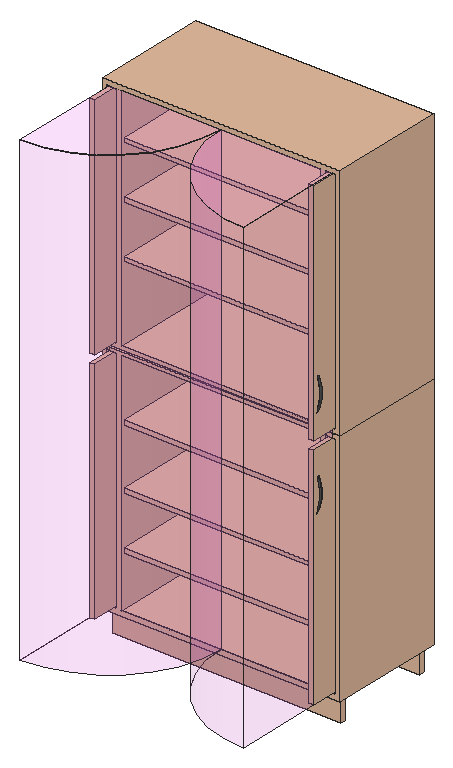
Revit family "Furniture_Shelving&Storage_Sjobergs_Cabinet_1", category Furniture, Revit 2017
Family settings
  OmniClass Number = 23.40.20.27.21
  OmniClass Title = Mobile Storage Units
  Work Plane-Based = No
  Always vertical = Yes
  Cut with Voids When Loaded = No
  Shared = No
  Room Calculation Point = No
Parameters (values of type "33001 Sjobergs Complete Cabinet 1")
  WarrantyStartDate [instance] = "n/a"
  WarrantyGuarantorParts = "n/a"
  WarrantyGuarantorLabor = "n/a"
  WarrantyDurationUnit = "n/a"
  WarrantyDurationParts = "n/a"
  WarrantyDurationLabor = "n/a"
  WarrantyDescription = "n/a"
  VersionDate = "30/06/2020"  # constant formula
  Version = "1"  # constant formula
  Uniclass2015Reference = "Pr_40_30_78_25"
  Uniclass2015Description = "Storage units"
  Uniclass2 = "Pr_40_30_78_24"
  URL = "https://www.sjobergs.se/sortiment/forvaring/251.php?id=1145&cat=37&lang=se&artnr=33001"
  Type Comments = ""
  TagNumber [instance] = "n/a"
  SustainabilityPerformance = "n/a"
  Style = "n/a"
  Size = "1000x490x2100 mm"
  Shape = "Sculptured"
  SerialNumber [instance] = "n/a"
  Revision = "n/a"
  ReplacementCost = "n/a"
  ProductInformation = "A sturdy, attractive and smart storage closet. 18 mm birch plywood frame and interior both stability and durability. Doors designed so that you can push them easily with the side of the closet. There are no more swinging doors inside about. Sjoberg cabinets can be decorated in many different ways to meet the need for storage of tools, textiles, office supplies, computers, etc."
  ProductDatasheet = "https://www.sjobergs.se/dbhires/Produktblad_skap1_33001_11_21.pdf"
  NominalWidth = 1000 mm
  NominalHeight = 2100 mm
  NominalDepth = 593 mm
  Name = "Sjobergs_Cabinet_1"
  NBSReference = "45-35-47/415"
  NBSDescription = "Cabinets"
  ModelReference = "n/a"
  ModelNumber = "33001"
  Material = "Wood"
  ManufacturerName = "Sjobergs"
  ManufacterURL = "https://www.sjobergs.se/en/"
  MainColor = "Wooden"
  InstallationDate [instance] = "n/a"
  EANNumber = ""
  DrawerTertiaryMaterial = Clearance
  DrawerSecondaryMaterial [instance] = Black Metal
  DrawerMainMaterial [instance] = Beech
  DoorsVisibility [instance] = yes
  Description = "A sturdy, attractive and smart storage closet. 18 mm birch plywood frame and interior both stability and durability. Doors designed so that you can push them easily with the side of the closet. There are no more swinging doors inside about. Sjoberg cabinets can be decorated in many different ways to meet the need for storage of tools, textiles, office supplies, computers, etc."
  Model = "33001 Sjobergs Complete Cabinet 1"
  Manufacturer = "Sjobergs"
  IfcExportType = "DRAWER"  # constant formula
  IfcExportAs = "IfcFurnitureType"  # constant formula
  Grade = "n/a"
  Finish = "Beech plywood 18 mm, doors in birch laminate"
  Features = "This wardrobe is available in 8 finished versions.  Assembling the cabinets is very simple, installation instructions are included in the packages. We also supply pre-assembled cabinets surcharge. The cabinets come unassembled in the flat package, knock down."
  ExpectedLife = "n/a"
  DurationUnit = "n/a"
  Cost = 0
  ConvergoRefNr = "0184-2005-0011-SE"
  Constituents = "n/a"
  Color = MainColor  # "Wooden"
  Collection = "Cabinet"
  CodePerformance = "n/a"
  Category = "Cabinets"
  Brand = "Sjobergs"
  Barcode [instance] = "n/a"
  BIMObjectName = "Furniture_Shelving&Storage_Sjobergs_Cabinet_1"
  Author = "Convergo AB"  # constant formula
  AssetType = "Movable"
  AssetIdentifier [instance] = "n/a"
  AccessibilityPerformance = "n/a"
Reference planes
  plane 1 "Center (Front/Back)": y = 0
  plane 2: z = 0
  plane 3 "Center (Left/Right)": x = 0
  plane 4: x = -500
  plane 5: x = 500
  plane 6: y = 296.5
  plane 7: y = -296.5
  plane 8: z = 2100
  plane 9: y = -224.978
Forms (mm)
  Extrusion 1, solid, material "Clearance" <- "DrawerTertiaryMaterial", detail levels medium+fine
    sketch origin (0, 0, 0) x (1, 0, 0) y (0, 1, 0)
      loop
        line (-470, -193.5) -> (-470, -663.5)
        arc (-470, -663.5) -> (-137.66, -525.84) -> (0, -193.5) r 470
        line (0, -193.5) -> (-470, -193.5)
    from 120 to 2080
  Extrusion 2, solid, material "Clearance" <- "DrawerTertiaryMaterial", detail levels medium+fine
    sketch origin (0, 0, 0) x (-1, 0, 0) y (0, -1, 0)
      loop
        line (-470, 193.5) -> (0, 193.5)
        arc (0, 193.5) -> (-137.66, 525.84) -> (-470, 663.5) r 470
        line (-470, 663.5) -> (-470, 193.5)
    from 120 to 2080
Dimensions and locks
  equal spacing: plane 4, plane 3 "Center (Left/Right)", plane 5
  "NominalWidth": plane 4 to plane 5
  equal spacing: plane 6, plane 1 "Center (Front/Back)", plane 7
  "NominalDepth": plane 6 to plane 7
  "NominalHeight": plane 8 to plane 2
  plane 7 to plane 9 = 71.522 mm
  aligned and locked: level to plane 2
Automatic sketch dimensions
  Extrusion 1 sketch curve to plane 3 "Center (Left/Right)" = 0 mm
  Extrusion 1 sketch curve to plane 4 = 30 mm
  Extrusion 1 sketch curve to plane 7 = 367 mm
  Extrusion 2 sketch curve to plane 3 "Center (Left/Right)" = 0 mm
  plane 5 to Extrusion 2 sketch curve = 30 mm
  plane 7 to Extrusion 2 sketch curve = 367 mm
Nested families
  nested 1: "Cabinet 1" at (0, -51.5, 0), Material 1 <- "DrawerMainMaterial", Material 2 <- "DrawerSecondaryMaterial", Opened <- "DoorsVisibility", type "Cabinet 1"
    with Opened yes, Material 2 Black Metal, Material 1 Beech, Extrude 297 mm, Closed no
Definition of nested family "Cabinet 1"
  Parameters (values of type "Cabinet 1")
    Material 2 [instance] = none
    Material 1 [instance] = none
    Opened [instance] = yes
    Extrude [instance] = if(Opened, 297 mm, 224.3 mm)  # 297 mm
    Closed [instance] = not(Opened)  # no
  Reference planes
    plane 1 "Center (Front/Back)": y = 51.5
    plane 2: z = 0
    plane 3 "Center (Left/Right)": x = 0
    plane 4: x = -500
    plane 5: x = 500
    plane 6: z = 2100
    plane 7: y = 348
    plane 8: y = -142
    plane 9: y = 225
    plane 10: y = -222
    plane 11: z = 1118
    plane 12: z = 1223
    plane 13: z = 1351
    plane 14: z = 977
    plane 15: z = 849
    plane 16: z = 1222.96
    plane 17: x = -1
    plane 18: x = 1
    plane 19: y = -161
    plane 20: x = 1
    plane 21: x = -1
    plane 22: x = -23
    plane 23: x = 23
    plane 24: y = -245.5
    plane 25: y = -172.821
  Forms (mm)
    Extrusion 1, solid, material <- "Material 1", detail levels medium+fine
      sketch origin (0, 0, 0) x (1, 0, 0) y (0, 1, 0)
        loop
          line (-500, 348) -> (-500, -142) -> (500, -142) -> (500, 348) -> (-500, 348)
      from 100 to 1100
    Extrusion 2, void
      sketch origin (0, 0, 0) x (1, 0, 0) y (0, 0, 1)
        loop
          line (-480, 120) -> (-440, 120) -> (-440, 1084) -> (-480, 1084) -> (-480, 120)
        loop
          line (480, 120) -> (480, 1084) -> (440, 1084) -> (440, 120) -> (480, 120)
      from -328 to 142
    Extrusion 3, solid, material <- "Material 1", visible <- "Opened", detail levels medium+fine
      sketch origin (-2922.873, -1.089, -1957.686) x (1, 0, 0) y (0, 0, 1)
        loop
          line (2471.873, 2079.686) -> (2471.873, 3039.686) -> (2452.873, 3039.686) -> (2452.873, 2079.686) -> (2471.873, 2079.686)
        loop
          line (2471.873, 3075.686) -> (2471.873, 4035.686) -> (2452.873, 4035.686) -> (2452.873, 3075.686) -> (2471.873, 3075.686)
        loop
          line (3373.873, 2079.686) -> (3392.873, 2079.686) -> (3392.873, 3039.686) -> (3373.873, 3039.686) -> (3373.873, 2079.686)
        loop
          line (3373.873, 3075.686) -> (3392.873, 3075.686) -> (3392.873, 4035.686) -> (3373.873, 4035.686) -> (3373.873, 3075.686)
      from -329.089 to 243.911
    Extrusion 4, solid, material <- "Material 1", detail levels coarse
      sketch origin (0, 0, 0) x (1, 0, 0) y (0, 1, 0)
        loop
          line (-500, 348) -> (-500, -245.5) -> (500, -245.5) -> (500, 348) -> (-500, 348)
      from 0 to 2100
    Extrusion 5, void
      sketch origin (0, 51.5, 0) x (1, 0, 0) y (0, 0, 1)
        loop
          line (-420, 120) -> (420, 120) -> (420, 1084) -> (-420, 1084) -> (-420, 120)
      from -276.5 to 193.5
    Extrusion 6, solid, material <- "Material 1", detail levels medium+fine
      sketch origin (0, 0, 0) x (0, 1, 0) y (0, 0, 1)
        loop
          line (328, 1897.5) -> (-132, 1897.5) -> (-132, 1879.5) -> (328, 1879.5) -> (328, 1897.5)
        loop
          line (328, 1673.5) -> (-132, 1673.5) -> (-132, 1655.5) -> (328, 1655.5) -> (328, 1673.5)
        loop
          line (328, 1449.5) -> (-132, 1449.5) -> (-132, 1431.5) -> (328, 1431.5) -> (328, 1449.5)
      from -420 to 420
    Extrusion 7, solid, material <- "Material 1", detail levels medium+fine
      sketch origin (0, 0, 0) x (1, 0, 0) y (0, 1, 0)
        loop
          line (480, -112) -> (480, -92) -> (-480, -92) -> (-480, -112) -> (480, -112)
        loop
          line (480, 302) -> (480, 322) -> (-480, 322) -> (-480, 302) -> (480, 302)
      from 0 to 100
    Extrusion 8, solid, material <- "Material 1", detail levels medium+fine
      sketch origin (0, 0, 0) x (1, 0, 0) y (0, 1, 0)
        loop
          line (-500, 348) -> (-500, -142) -> (500, -142) -> (500, 348) -> (-500, 348)
      from 1100 to 2100
    Extrusion 9, void
      sketch origin (0, 51.5, 0) x (1, 0, 0) y (0, 0, 1)
        loop
          line (420, 2080) -> (-420, 2080) -> (-420, 1116) -> (420, 1116) -> (420, 2080)
      from -276.5 to 193.5
    Extrusion 10, void
      sketch origin (0, 0, 0) x (1, 0, 0) y (0, 0, 1)
        loop
          line (-480, 2080) -> (-480, 1116) -> (-440, 1116) -> (-440, 2080) -> (-480, 2080)
        loop
          line (480, 2080) -> (440, 2080) -> (440, 1116) -> (480, 1116) -> (480, 2080)
      from -328 to 142
    Extrusion 11, solid, material <- "Material 1", detail levels medium+fine
      sketch origin (0, 0, 0) x (0, 1, 0) y (0, 0, 1)
        loop
          line (328, 832.5) -> (-132, 832.5) -> (-132, 814.5) -> (328, 814.5) -> (328, 832.5)
        loop
          line (-132, 576.5) -> (-132, 558.5) -> (328, 558.5) -> (328, 576.5) -> (-132, 576.5)
        loop
          line (328, 352.5) -> (-132, 352.5) -> (-132, 334.5) -> (328, 334.5) -> (328, 352.5)
      from -420 to 420
    Extrusion 12, void
      sketch origin (0, 51.5, 0) x (1, 0, 0) y (0, 0, 1)
        loop
          line (-480, 1102.5) -> (-480, 1097.5) -> (480, 1097.5) -> (480, 1102.5) -> (-480, 1102.5)
      from -276.5 to 193.5
    Extrusion 13, solid, material <- "Material 1", visible <- "Closed", detail levels medium+fine
      sketch origin (0, 51.5, 0) x (1, 0, 0) y (0, 0, 1)
        loop
          line (-470, 2078) -> (-470, 1118) -> (-1, 1118) -> (-1, 2078) -> (-470, 2078)
        loop
          line (-470, 122) -> (-1, 122) -> (-1, 1082) -> (-470, 1082) -> (-470, 122)
      from 193.5 to 212.5
    Extrusion 14, solid, material <- "Material 1", visible <- "Closed", detail levels medium+fine
      sketch origin (0, 51.5, 0) x (-1, 0, 0) y (0, 0, -1)
        loop
          line (-470, -2078) -> (-1, -2078) -> (-1, -1118) -> (-470, -1118) -> (-470, -2078)
        loop
          line (-470, -122) -> (-470, -1082) -> (-1, -1082) -> (-1, -122) -> (-470, -122)
      from 193.5 to 212.5
    Sweep 15, solid, material <- "Material 2", visible <- "Opened", detail levels medium+fine
      path origin (-240.96, -247.196, -489.406) x (1, 0, 0) y (0, 0, 1)
        loop
          arc (-220.361, 1859.758) -> (-242, 1779) -> (-220.361, 1698.242) r 161.516
      profile origin (-482.96, -247.196, 1289.594) x (0, -1, 0) y (1, 0, 0)
        loop
          circle (-25, 0) r 3
    Sweep 16, solid, material <- "Material 2", visible <- "Opened", detail levels medium+fine
      path origin (240.96, -247.196, -489.406) x (-1, 0, 0) y (0, 0, -1)
        loop
          arc (-220.361, -1859.758) -> (-242, -1779) -> (-220.361, -1698.242) r 161.516
      profile origin (482.96, -247.196, 1289.594) x (0, -1, 0) y (1, 0, 0)
        loop
          circle (-25, 0) r 3
    Sweep 17, solid, material <- "Material 2", visible <- "Opened", detail levels medium+fine
      path origin (-240.96, -247.196, 2689.406) x (1, 0, 0) y (0, 0, 1)
        loop
          arc (-220.361, -1859.758) -> (-242, -1779) -> (-220.361, -1698.242) r 161.516
      profile origin (-482.96, -247.196, 910.406) x (-1, 0, 0) y (0, -1, 0)
        loop
          circle (0, -25) r 3
    Sweep 18, solid, material <- "Material 2", visible <- "Opened", detail levels medium+fine
      path origin (240.96, -247.196, 2689.406) x (-1, 0, 0) y (0, 0, -1)
        loop
          arc (-220.361, 1859.758) -> (-242, 1779) -> (-220.361, 1698.242) r 161.516
      profile origin (482.96, -247.196, 910.406) x (-1, 0, 0) y (0, -1, 0)
        loop
          circle (0, -25) r 3
    Sweep 19, solid, material <- "Material 2", visible <- "Closed", detail levels medium+fine
      path origin (0.084, 147.779, -492.5) x (0, 1, 0) y (0, 0, 1)
        loop
          arc (-304.861, 1859.758) -> (-318.952, 1779) -> (-304.861, 1698.242) r 238.468
      profile origin (0.084, -171.173, 1286.5) x (1, 0, 0) y (0, 1, 0)
        loop
          circle (-25, 0) r 3
        loop
          circle (25, 0) r 3
    Sweep 20, solid, material <- "Material 2", visible <- "Closed", detail levels medium+fine
      path origin (0.084, 147.779, 2692.5) x (0, 1, 0) y (0, 0, 1)
        loop
          arc (-304.861, -1859.758) -> (-318.952, -1779) -> (-304.861, -1698.242) r 238.468
      profile origin (0.084, -171.173, 913.5) x (0, -1, 0) y (1, 0, 0)
        loop
          circle (0, -25) r 3
        loop
          circle (0, 25) r 3
  Cuts and joins
    Extrusion 2, Extrusion 5, Extrusion 10, Extrusion 12 cuts Extrusion 1
    joined: Extrusion 1, Extrusion 7, Extrusion 11
    Extrusion 10 cuts Extrusion 6
    Extrusion 2, Extrusion 9, Extrusion 10, Extrusion 12 cuts Extrusion 8
    joined: Extrusion 6, Extrusion 8
  Lines and regions (mm)
    symbolic lines, detail levels medium+fine
      curve 1: line (-500, 51.5, 2100) -> (500, 51.5, 2100)
      curve 2: line (500, 51.5, 2100) -> (500, 51.5, 100)
      curve 3: line (500, 51.5, 100) -> (480, 51.5, 100)
      curve 4: line (480, 51.5, 100) -> (480, 51.5, 0)
      curve 5: line (480, 51.5, 0) -> (-480, 51.5, 0)
      curve 6: line (-480, 51.5, 0) -> (-480, 51.5, 100)
      curve 7: line (-480, 51.5, 100) -> (-500, 51.5, 100)
      curve 8: line (-500, 51.5, 100) -> (-500, 51.5, 2100)
      curve 106: line (0, 348, 2100) -> (0, -142, 2100)
      curve 107: line (0, -142, 2100) -> (0, -142, 2078)
      curve 113: line (0, -142, 122) -> (0, -142, 100)
      curve 114: line (0, -142, 100) -> (0, -112, 100)
      curve 115: line (0, -112, 100) -> (0, -112, 0)
      curve 116: line (0, -112, 0) -> (0, -92, 0)
      curve 117: line (0, -92, 0) -> (0, -92, 100)
      curve 118: line (0, -92, 100) -> (0, 302, 100)
      curve 119: line (0, 302, 100) -> (0, 302, 0)
      curve 120: line (0, 302, 0) -> (0, 322, 0)
      curve 121: line (0, 322, 0) -> (0, 322, 100)
      curve 122: line (0, 322, 100) -> (0, 348, 100)
      curve 123: line (0, 348, 100) -> (0, 348, 120)
      curve 124: line (0, 348, 1100) -> (0, 348, 1140)
      curve 125: line (0, 348, 2100) -> (0, 348, 120)
      curve 132: line (0, -142, 1082) -> (0, -142, 1118)
      curve 139: line (470, -142, 0) -> (500, -142, 0)
      curve 140: line (500, -142, 0) -> (500, 348, 0)
      curve 141: line (500, 348, 0) -> (470, 348, 0)
      curve 142: line (451, 348, 0) -> (-451, 348, 0)
      curve 143: line (-500, 348, 0) -> (-500, -142, 0)
      curve 144: line (-500, -142, 0) -> (-470, -142, 0)
      curve 145: line (-451, 348, 0) -> (-470, 348, 0)
      curve 146: line (-470, 348, 0) -> (-500, 348, 0)
      curve 147: line (451, 348, 0) -> (470, 348, 0)
      curve 282: line (0, -161, 975.643) -> (0, -161, 850.925)
      curve 284: line (0, -161, 839.521) -> (0, -161, 122)
      curve 286: line (0, -161, 1349.075) -> (0, -161, 1224.357)
      curve 288: line (0, -161, 1214.357) -> (0, -161, 1118)
    symbolic lines, detail levels fine
      curve 9: line (-480, 51.5, 2080) -> (480, 51.5, 2080)
      curve 10: line (480, 51.5, 2080) -> (480, 51.5, 1344.265)
      curve 11: line (480, 51.5, 120) -> (-480, 51.5, 120)
      curve 12: line (-480, 51.5, 120) -> (-480, 51.5, 855.735)
      curve 13: line (-440, 51.5, 2080) -> (-440, 51.5, 2078.008)
      curve 14: line (-440, 51.5, 1116) -> (-420, 51.5, 1116)
      curve 20: line (-480, 51.5, 1897.5) -> (-470, 51.5, 1897.5)
      curve 21: line (-480, 51.5, 1879.5) -> (-470, 51.5, 1879.5)
      curve 30: line (480, 51.5, 1102.5) -> (-480, 51.5, 1102.5)
      curve 31: line (-480, 51.5, 1097.5) -> (480, 51.5, 1097.5)
      curve 32: line (-480, 51.5, 1673.5) -> (-470, 51.5, 1673.5)
      curve 34: line (-480, 51.5, 1655.5) -> (-470, 51.5, 1655.5)
      curve 36: line (-480, 51.5, 1449.5) -> (-470, 51.5, 1449.5)
      curve 37: line (-480, 51.5, 1431.5) -> (-470, 51.5, 1431.5)
      curve 40: line (440, 51.5, 2080) -> (440, 51.5, 2078.041)
      curve 46: line (480, 51.5, 1897.5) -> (470, 51.5, 1897.5)
      curve 47: line (480, 51.5, 1879.5) -> (470, 51.5, 1879.5)
      curve 50: line (480, 51.5, 1673.5) -> (470, 51.5, 1673.5)
      curve 52: line (480, 51.5, 1655.5) -> (470, 51.5, 1655.5)
      curve 54: line (480, 51.5, 1449.5) -> (470, 51.5, 1449.5)
      curve 55: line (480, 51.5, 1431.5) -> (470, 51.5, 1431.5)
      curve 58: line (-440, 51.5, 1116) -> (-480, 51.5, 1116)
      curve 59: line (-420, 51.5, 1116) -> (480, 51.5, 1116)
      curve 60: line (-440, 51.5, 120) -> (-440, 51.5, 122.039)
      curve 61: line (-440, 51.5, 1084) -> (-420, 51.5, 1084)
      curve 62: line (-420, 51.5, 1084) -> (-420, 51.5, 1082.022)
      curve 67: line (-480, 51.5, 334.5) -> (-470, 51.5, 334.5)
      curve 68: line (-480, 51.5, 352.5) -> (-470, 51.5, 352.5)
      curve 77: line (-480, 51.5, 558.5) -> (-470, 51.5, 558.5)
      curve 79: line (-480, 51.5, 576.5) -> (-470, 51.5, 576.5)
      curve 81: line (-480, 51.5, 814.5) -> (-470, 51.5, 814.5)
      curve 82: line (-480, 51.5, 832.5) -> (-470, 51.5, 832.5)
      curve 85: line (440, 51.5, 120) -> (440, 51.5, 121.957)
      curve 86: line (420, 51.5, 1084) -> (420, 51.5, 1082.014)
      curve 91: line (480, 51.5, 334.5) -> (470, 51.5, 334.5)
      curve 92: line (480, 51.5, 352.5) -> (470, 51.5, 352.5)
      curve 95: line (480, 51.5, 558.5) -> (470, 51.5, 558.5)
      curve 97: line (480, 51.5, 576.5) -> (470, 51.5, 576.5)
      curve 99: line (480, 51.5, 814.5) -> (470, 51.5, 814.5)
      curve 100: line (480, 51.5, 832.5) -> (470, 51.5, 832.5)
      curve 103: line (-480, 51.5, 100) -> (480, 51.5, 100)
      curve 104: line (-440, 51.5, 1084) -> (-480, 51.5, 1084)
      curve 105: line (-420, 51.5, 1084) -> (480, 51.5, 1084)
      curve 126: line (0, 322, 100) -> (0, 302, 100)
      curve 127: line (0, -92, 100) -> (0, -112, 100)
      curve 128: line (0, -142, 122) -> (0, -142, 1082)
      curve 130: line (0, 348, 1100) -> (0, -142, 1100)
      curve 131: line (0, -142, 1118) -> (0, -142, 2078)
      curve 133: line (-480, 51.5, 1100) -> (-500, 51.5, 1100)
      curve 134: line (480, 51.5, 1100) -> (500, 51.5, 1100)
      curve 148: line (451, -142, 0) -> (470, -142, 0)
      curve 150: line (-470, -142, 0) -> (-451, -142, 0)
      curve 151: line (-480, 51.5, 1344.265) -> (-480, 51.5, 2080)
      curve 152: line (-480, 51.5, 1245.141) -> (-480, 51.5, 1326.026)
      curve 153: line (480, 51.5, 1326.026) -> (480, 51.5, 1245.141)
      curve 154: line (480, 51.5, 1226.902) -> (480, 51.5, 973.098)
      curve 155: line (-480, 51.5, 973.098) -> (-480, 51.5, 1226.902)
      curve 156: line (-480, 51.5, 873.974) -> (-480, 51.5, 954.859)
      curve 157: line (480, 51.5, 954.859) -> (480, 51.5, 873.974)
      curve 158: line (480, 51.5, 855.735) -> (480, 51.5, 120)
      curve 160: line (-420, 51.5, 2078.01) -> (-420, 51.5, 2080)
      curve 161: line (420, 51.5, 2078.041) -> (420, 51.5, 2080)
      curve 175: line (-440, 51.5, 1081.978) -> (-440, 51.5, 1084)
      curve 178: line (440, 51.5, 1082.014) -> (440, 51.5, 1084)
      curve 180: line (-420, 51.5, 122.039) -> (-420, 51.5, 120)
      curve 182: line (420, 51.5, 121.957) -> (420, 51.5, 120)
    symbolic lines, visible <- "Opened", detail levels fine
      curve 15: line (-420, 51.5, 1116) -> (-420, 51.5, 2078.01)
      curve 16: line (-470, 51.5, 2078) -> (-451, 51.5, 2078)
      curve 17: line (-451, 51.5, 2078) -> (-451, 51.5, 1118)
      curve 18: line (-451, 51.5, 1118) -> (-470, 51.5, 1118)
      curve 19: line (-470, 51.5, 1118) -> (-470, 51.5, 2078)
      curve 22: line (-451, 51.5, 1897.5) -> (-440, 51.5, 1897.5)
      curve 23: line (-451, 51.5, 1879.5) -> (-440, 51.5, 1879.5)
      curve 24: line (-420, 51.5, 1897.5) -> (420, 51.5, 1897.5)
      curve 25: line (-420, 51.5, 1879.5) -> (420, 51.5, 1879.5)
      curve 26: line (-420, 51.5, 1673.5) -> (420, 51.5, 1673.5)
      curve 27: line (-420, 51.5, 1655.5) -> (420, 51.5, 1655.5)
      curve 28: line (-420, 51.5, 1449.5) -> (420, 51.5, 1449.5)
      curve 29: line (-420, 51.5, 1431.5) -> (420, 51.5, 1431.5)
      curve 33: line (-451, 51.5, 1673.5) -> (-440, 51.5, 1673.5)
      curve 35: line (-451, 51.5, 1655.5) -> (-440, 51.5, 1655.5)
      curve 38: line (-451, 51.5, 1449.5) -> (-440, 51.5, 1449.5)
      curve 39: line (-451, 51.5, 1431.5) -> (-440, 51.5, 1431.5)
      curve 41: line (420, 51.5, 1116) -> (420, 51.5, 2078.041)
      curve 42: line (470, 51.5, 2078) -> (451, 51.5, 2078)
      curve 43: line (451, 51.5, 2078) -> (451, 51.5, 1118)
      curve 44: line (451, 51.5, 1118) -> (470, 51.5, 1118)
      curve 45: line (470, 51.5, 1118) -> (470, 51.5, 2078)
      curve 48: line (451, 51.5, 1897.5) -> (440, 51.5, 1897.5)
      curve 49: line (451, 51.5, 1879.5) -> (440, 51.5, 1879.5)
      curve 51: line (451, 51.5, 1673.5) -> (440, 51.5, 1673.5)
      curve 53: line (451, 51.5, 1655.5) -> (440, 51.5, 1655.5)
      curve 56: line (451, 51.5, 1449.5) -> (440, 51.5, 1449.5)
      curve 57: line (451, 51.5, 1431.5) -> (440, 51.5, 1431.5)
      curve 63: line (-470, 51.5, 122) -> (-451, 51.5, 122)
      curve 64: line (-451, 51.5, 122) -> (-451, 51.5, 1082)
      curve 65: line (-451, 51.5, 1082) -> (-470, 51.5, 1082)
      curve 66: line (-470, 51.5, 1082) -> (-470, 51.5, 122)
      curve 69: line (-451, 51.5, 334.5) -> (-440, 51.5, 334.5)
      curve 70: line (-451, 51.5, 352.5) -> (-440, 51.5, 352.5)
      curve 71: line (-420, 51.5, 334.5) -> (420, 51.5, 334.5)
      curve 72: line (-420, 51.5, 352.5) -> (420, 51.5, 352.5)
      curve 73: line (-420, 51.5, 558.5) -> (420, 51.5, 558.5)
      curve 74: line (-420, 51.5, 576.5) -> (420, 51.5, 576.5)
      curve 75: line (-420, 51.5, 814.5) -> (420, 51.5, 814.5)
      curve 76: line (-420, 51.5, 832.5) -> (420, 51.5, 832.5)
      curve 78: line (-451, 51.5, 558.5) -> (-440, 51.5, 558.5)
      curve 80: line (-451, 51.5, 576.5) -> (-440, 51.5, 576.5)
      curve 83: line (-451, 51.5, 814.5) -> (-440, 51.5, 814.5)
      curve 84: line (-451, 51.5, 832.5) -> (-440, 51.5, 832.5)
      curve 87: line (470, 51.5, 122) -> (451, 51.5, 122)
      curve 88: line (451, 51.5, 122) -> (451, 51.5, 1082)
      curve 89: line (451, 51.5, 1082) -> (470, 51.5, 1082)
      curve 90: line (470, 51.5, 1082) -> (470, 51.5, 122)
      curve 93: line (451, 51.5, 334.5) -> (440, 51.5, 334.5)
      curve 94: line (451, 51.5, 352.5) -> (440, 51.5, 352.5)
      curve 96: line (451, 51.5, 558.5) -> (440, 51.5, 558.5)
      curve 98: line (451, 51.5, 576.5) -> (440, 51.5, 576.5)
      curve 101: line (451, 51.5, 814.5) -> (440, 51.5, 814.5)
      curve 102: line (451, 51.5, 832.5) -> (440, 51.5, 832.5)
      curve 159: line (-440, 51.5, 2078.008) -> (-440, 51.5, 1116)
      curve 162: line (440, 51.5, 2078.041) -> (440, 51.5, 1116)
      curve 176: line (-420, 51.5, 1082.022) -> (-420, 51.5, 122.039)
      curve 177: line (420, 51.5, 1082.014) -> (420, 51.5, 121.957)
      curve 179: line (-440, 51.5, 122.039) -> (-440, 51.5, 1081.978)
      curve 181: line (440, 51.5, 121.957) -> (440, 51.5, 1082.014)
      curve 191: line (0, -219.166, 1356.927) -> (0, -219.166, 1221.985)
      curve 192: line (0, -225.16, 1221.985) -> (0, -225.16, 1356.927)
      curve 214: arc (-470, 51.5, 1203.022) -> (-476.979, 51.5, 1218.624) -> (-482.474, 51.5, 1234.809) r 183.291
      curve 215: arc (-470, 51.5, 1214.813) -> (-477.594, 51.5, 1235.929) -> (-482.474, 51.5, 1257.832) r 178.291
      curve 216: arc (-482.474, 51.5, 1336.358) -> (-476.979, 51.5, 1352.542) -> (-470, 51.5, 1368.145) r 183.291
      curve 217: arc (-482.474, 51.5, 1313.334) -> (-477.594, 51.5, 1335.237) -> (-470, 51.5, 1356.354) r 178.291
      curve 218: arc (-482.474, 51.5, 1257.832) -> (-484.647, 51.5, 1285.583) -> (-482.474, 51.5, 1313.334) r 178.291
      curve 219: arc (-482.474, 51.5, 1234.809) -> (-489.647, 51.5, 1285.583) -> (-482.474, 51.5, 1336.358) r 183.291
      curve 220: arc (470, 51.5, 1203.022) -> (476.979, 51.5, 1218.624) -> (482.474, 51.5, 1234.809) r 183.291
      curve 221: arc (470, 51.5, 1214.813) -> (477.594, 51.5, 1235.929) -> (482.474, 51.5, 1257.832) r 178.291
      curve 222: arc (482.474, 51.5, 1336.358) -> (476.979, 51.5, 1352.542) -> (470, 51.5, 1368.145) r 183.291
      curve 223: arc (482.474, 51.5, 1313.334) -> (477.594, 51.5, 1335.237) -> (470, 51.5, 1356.354) r 178.291
      curve 224: arc (482.474, 51.5, 1257.832) -> (484.647, 51.5, 1285.583) -> (482.474, 51.5, 1313.334) r 178.291
      curve 225: arc (482.474, 51.5, 1234.809) -> (489.647, 51.5, 1285.583) -> (482.474, 51.5, 1336.358) r 183.291
      curve 226: arc (-470, 51.5, 996.978) -> (-476.979, 51.5, 981.376) -> (-482.474, 51.5, 965.191) r 183.291
      curve 227: arc (-470, 51.5, 985.187) -> (-477.594, 51.5, 964.071) -> (-482.474, 51.5, 942.168) r 178.291
      curve 228: arc (-482.474, 51.5, 863.642) -> (-476.979, 51.5, 847.458) -> (-470, 51.5, 831.855) r 183.291
      curve 229: arc (-482.474, 51.5, 886.666) -> (-477.594, 51.5, 864.763) -> (-470, 51.5, 843.646) r 178.291
      curve 230: arc (-482.474, 51.5, 942.168) -> (-484.647, 51.5, 914.417) -> (-482.474, 51.5, 886.666) r 178.291
      curve 231: arc (-482.474, 51.5, 965.191) -> (-489.647, 51.5, 914.417) -> (-482.474, 51.5, 863.642) r 183.291
      curve 232: arc (470, 51.5, 996.978) -> (476.979, 51.5, 981.376) -> (482.474, 51.5, 965.191) r 183.291
      curve 233: arc (470, 51.5, 985.187) -> (477.594, 51.5, 964.071) -> (482.474, 51.5, 942.168) r 178.291
      curve 234: arc (482.474, 51.5, 863.642) -> (476.979, 51.5, 847.458) -> (470, 51.5, 831.855) r 183.291
      curve 235: arc (482.474, 51.5, 886.666) -> (477.594, 51.5, 864.763) -> (470, 51.5, 843.646) r 178.291
      curve 236: arc (482.474, 51.5, 942.168) -> (484.647, 51.5, 914.417) -> (482.474, 51.5, 886.666) r 178.291
      curve 237: arc (482.474, 51.5, 965.191) -> (489.647, 51.5, 914.417) -> (482.474, 51.5, 863.642) r 183.291
      curve 238: arc (0, -219.166, 1221.985) -> (0, -222.163, 1218.988) -> (0, -225.16, 1221.985) r 2.997
      curve 239: arc (0, -225.16, 1356.927) -> (0, -222.163, 1359.924) -> (0, -219.166, 1356.927) r 2.997
      curve 240: line (0, -219.166, 843.073) -> (0, -219.166, 978.015)
      curve 241: line (0, -225.16, 978.015) -> (0, -225.16, 843.073)
      curve 242: arc (0, -219.166, 978.015) -> (0, -222.163, 981.012) -> (0, -225.16, 978.015) r 2.997
      curve 243: arc (0, -225.16, 843.073) -> (0, -222.163, 840.076) -> (0, -219.166, 843.073) r 2.997
      curve 308: line (-470, -219.078, 0) -> (-470, -225.171, 0)
      curve 309: line (470, -219.195, 0) -> (470, -225.171, 0)
    symbolic lines, visible <- "Opened", detail levels medium+fine
      curve 108: line (0, -142, 2078) -> (0, -161, 2078)
      curve 110: line (0, -142, 1082) -> (0, -161, 1082)
      curve 112: line (0, -161, 122) -> (0, -142, 122)
      curve 129: line (0, -142, 1118) -> (0, -161, 1118)
      curve 135: line (-451, -161, 0) -> (-451, -142, 0)
      curve 136: line (-451, -142, 0) -> (451, -142, 0)
      curve 137: line (451, -142, 0) -> (451, -161, 0)
      curve 138: line (470, -161, 0) -> (470, -219.195, 0)
      curve 149: line (-470, -161, 0) -> (-470, -219.078, 0)
      curve 204: line (-470, -219.078, 0) -> (-470, -142, 0)
      curve 205: line (470, -219.171, 0) -> (470, -142, 0)
      curve 244: line (-470, -225.171, 0) -> (-482.894, -225.171, 0)
      curve 245: line (-470, -219.078, 0) -> (-482.894, -219.078, 0)
      curve 246: arc (-482.894, -219.078, 0) -> (-485.941, -222.124, 0) -> (-482.894, -225.171, 0) r 3.047
      curve 247: line (470, -219.171, 0) -> (483.035, -219.171, 0)
      curve 248: line (470, -225.171, 0) -> (483.035, -225.171, 0)
      curve 249: arc (483.035, -219.171, 0) -> (486.035, -222.171, 0) -> (483.035, -225.171, 0) r 3
      curve 274: line (0, -142, 2078) -> (0, -245, 2078)
      curve 275: line (0, -245, 2078) -> (0, -245, 1118)
      curve 276: line (0, -245, 1118) -> (0, -142, 1118)
      curve 277: line (0, -142, 1118) -> (0, -142, 1082)
      curve 278: line (0, -142, 1082) -> (0, -245, 1082)
      curve 279: line (0, -245, 1082) -> (0, -245, 122)
      curve 280: line (0, -245, 122) -> (0, -142, 122)
      curve 302: line (-470, -225.171, 0) -> (-470, -245, 0)
      curve 303: line (-451, -161, 0) -> (-451, -245, 0)
      curve 304: line (-451, -245, 0) -> (-470, -245, 0)
      curve 305: line (470, -225.171, 0) -> (470, -245, 0)
      curve 306: line (451, -161, 0) -> (451, -245, 0)
      curve 307: line (451, -245, 0) -> (470, -245, 0)
    symbolic lines, visible <- "Closed", detail levels medium+fine
      curve 109: line (0, -161, 2078) -> (0, -161, 1360.479)
      curve 111: line (0, -161, 1082) -> (0, -161, 987)
      curve 193: line (0, -142, 2078) -> (0, -161, 2078)
      curve 194: line (0, -161, 1118) -> (0, -142, 1118)
      curve 195: line (0, -161, 1118) -> (0, -161, 1212.953)
      curve 196: line (0, -161, 1082) -> (0, -142, 1082)
      curve 197: line (0, -161, 1082) -> (0, -161, 987.047)
      curve 198: line (0, -142, 122) -> (0, -161, 122)
      curve 199: line (0, -161, 1226.183) -> (0, -161, 1349.075)
      curve 200: line (0, -161, 1360.479) -> (0, -161, 2078)
      curve 201: line (0, -161, 975.643) -> (0, -161, 850.925)
      curve 203: line (0, -161, 839.521) -> (0, -161, 122)
      curve 206: line (-470, -142, 0) -> (-470, -161, 0)
      curve 207: line (-470, -161, 0) -> (-28, -161, 0)
      curve 208: line (470, -142, 0) -> (470, -161, 0)
      curve 209: line (470, -161, 0) -> (28, -161, 0)
      curve 211: line (-21.776, -161, 0) -> (-1, -161, 0)
      curve 212: line (21.776, -161, 0) -> (1, -161, 0)
      curve 270: arc (0, -161, 1212.953) -> (0, -172.821, 1286.716) -> (0, -161, 1360.479) r 236.047
      curve 271: arc (0, -161, 1224.357) -> (0, -169.51, 1286.716) -> (0, -161, 1349.075) r 232.736
      curve 272: arc (0, -161, 987.047) -> (0, -172.821, 913.284) -> (0, -161, 839.521) r 236.047
      curve 273: arc (0, -161, 975.643) -> (0, -169.51, 913.284) -> (0, -161, 850.925) r 232.736
      curve 289: line (-28, -161, 0) -> (-28, -170.366, 0)
      curve 290: arc (-28, -170.366, 0) -> (-24.888, -173.478, 0) -> (-21.776, -170.366, 0) r 3.112
      curve 291: line (-21.776, -170.366, 0) -> (-21.776, -161, 0)
      curve 292: line (28, -161, 0) -> (28, -170.366, 0)
      curve 293: arc (28, -170.366, 0) -> (24.888, -173.478, 0) -> (21.776, -170.366, 0) r 3.112
      curve 294: line (21.776, -170.366, 0) -> (21.776, -161, 0)
      curve 296: line (-21.776, -161, 0) -> (-9.877, -161, 0)
      curve 297: line (21.776, -161, 0) -> (9.877, -161, 0)
      curve 299: line (-1, -161, 0) -> (-1, -142, 0)
      curve 300: line (1, -142, 0) -> (1, -161, 0)
      curve 301: line (-1, -142, 0) -> (1, -142, 0)
    symbolic lines, visible <- "Closed", detail levels fine
      curve 163: line (-470, 51.5, 2078) -> (-1, 51.5, 2078)
      curve 164: line (-1, 51.5, 2078) -> (-1, 51.5, 1118)
      curve 165: line (-1, 51.5, 1118) -> (-470, 51.5, 1118)
      curve 166: line (-470, 51.5, 1118) -> (-470, 51.5, 2078)
      curve 167: line (470, 51.5, 2078) -> (1, 51.5, 2078)
      curve 168: line (1, 51.5, 2078) -> (1, 51.5, 1118)
      curve 169: line (1, 51.5, 1118) -> (470, 51.5, 1118)
      curve 170: line (470, 51.5, 1118) -> (470, 51.5, 2078)
      curve 171: line (480, 51.5, 1245.141) -> (480, 51.5, 1226.902)
      curve 172: line (-480, 51.5, 1344.265) -> (-480, 51.5, 1326.026)
      curve 173: line (-27.793, 51.5, 1356.207) -> (-27.793, 51.5, 1217.189)
      curve 174: line (-21.921, 51.5, 1356.207) -> (-21.921, 51.5, 1217.189)
      curve 183: line (-470, 51.5, 122) -> (-1, 51.5, 122)
      curve 184: line (-1, 51.5, 122) -> (-1, 51.5, 1082)
      curve 185: line (-1, 51.5, 1082) -> (-470, 51.5, 1082)
      curve 186: line (-470, 51.5, 1082) -> (-470, 51.5, 122)
      curve 187: line (470, 51.5, 122) -> (1, 51.5, 122)
      curve 188: line (1, 51.5, 122) -> (1, 51.5, 1082)
      curve 189: line (1, 51.5, 1082) -> (470, 51.5, 1082)
      curve 190: line (470, 51.5, 1082) -> (470, 51.5, 122)
      curve 202: line (0, -161, 850.925) -> (0, -161, 839.521)
      curve 210: line (-9.877, -161, 0) -> (-21.776, -161, 0)
      curve 213: line (-451, -142, 0) -> (451, -142, 0)
      curve 250: line (480, 51.5, 1344.265) -> (480, 51.5, 1326.026)
      curve 251: line (-480, 51.5, 1245.141) -> (-480, 51.5, 1226.902)
      curve 252: line (480, 51.5, 954.859) -> (480, 51.5, 973.098)
      curve 253: line (-480, 51.5, 855.735) -> (-480, 51.5, 873.974)
      curve 254: line (480, 51.5, 855.735) -> (480, 51.5, 873.974)
      curve 255: line (-480, 51.5, 954.859) -> (-480, 51.5, 973.098)
      curve 256: arc (-27.793, 51.5, 1217.189) -> (-24.857, 51.5, 1214.253) -> (-21.921, 51.5, 1217.189) r 2.936
      curve 257: arc (-21.921, 51.5, 1356.207) -> (-24.857, 51.5, 1359.143) -> (-27.793, 51.5, 1356.207) r 2.936
      curve 258: line (27.793, 51.5, 1356.207) -> (27.793, 51.5, 1217.189)
      curve 259: line (21.921, 51.5, 1356.207) -> (21.921, 51.5, 1217.189)
      curve 260: arc (27.793, 51.5, 1217.189) -> (24.857, 51.5, 1214.253) -> (21.921, 51.5, 1217.189) r 2.936
      curve 261: arc (21.921, 51.5, 1356.207) -> (24.857, 51.5, 1359.143) -> (27.793, 51.5, 1356.207) r 2.936
      curve 262: line (-27.793, 51.5, 843.793) -> (-27.793, 51.5, 982.811)
      curve 263: line (-21.921, 51.5, 843.793) -> (-21.921, 51.5, 982.811)
      curve 264: arc (-27.793, 51.5, 982.811) -> (-24.857, 51.5, 985.747) -> (-21.921, 51.5, 982.811) r 2.936
      curve 265: arc (-21.921, 51.5, 843.793) -> (-24.857, 51.5, 840.857) -> (-27.793, 51.5, 843.793) r 2.936
      curve 266: line (27.793, 51.5, 843.793) -> (27.793, 51.5, 982.811)
      curve 267: line (21.921, 51.5, 843.793) -> (21.921, 51.5, 982.811)
      curve 268: arc (27.793, 51.5, 982.811) -> (24.857, 51.5, 985.747) -> (21.921, 51.5, 982.811) r 2.936
      curve 269: arc (21.921, 51.5, 843.793) -> (24.857, 51.5, 840.857) -> (27.793, 51.5, 843.793) r 2.936
      curve 281: line (0, -161, 987) -> (0, -161, 975.643)
      curve 283: line (0, -161, 850.925) -> (0, -161, 839.521)
      curve 285: line (0, -161, 1360.479) -> (0, -161, 1349.075)
      curve 287: line (0, -161, 1224.357) -> (0, -161, 1214.357)
      curve 295: line (-28, -161, 0) -> (-21.776, -161, 0)
      curve 298: line (28, -161, 0) -> (21.776, -161, 0)
  Dimensions and locks
    "Extrude": plane 1 "Center (Front/Back)" to plane 24
    aligned and locked: level to plane 2
    aligned and locked: plane 24 to Extrusion 4
  Automatic sketch dimensions
    curve 270 to curve 271 = 0 mm  (x2)
    curve 272 to curve 273 = 0 mm  (x2)
    curve 276 to plane 11 = 0 mm
    curve 285 to plane 19 = 0 mm
    curve 112 to plane 19 = 0 mm
    curve 199 to plane 19 = 0 mm
    curve 198 to plane 8 = 0 mm
    curve 115 to level = 0 mm
    curve 120 to level = 0 mm
    curve 122 to plane 7 = 0 mm
    curve 124 to plane 7 = 0 mm
    curve 125 to plane 6 = 0 mm
    plane 10 to curve 240 = 2.834 mm
    plane 10 to curve 191 = 2.834 mm
    curve 243 to plane 10 = 0.163 mm
    curve 239 to plane 10 = 0.163 mm
    plane 24 to curve 280 = 0.5 mm
    plane 24 to curve 274 = 0.5 mm
    curve 113 to curve 127 = 30 mm
    curve 114 to curve 117 = 20 mm
    curve 271 to plane 1 "Center (Front/Back)" = 11.726 mm
    curve 273 to plane 1 "Center (Front/Back)" = 11.726 mm
    curve 119 to curve 122 = 46 mm
    curve 118 to curve 126 = 20 mm
    level to curve 121 = 100 mm
    curve 122 to curve 123 = 20 mm
    curve 113 to curve 112 = 22 mm
    plane 15 to curve 203 = 9.479 mm
    curve 284 to curve 202 = 0 mm
    plane 15 to curve 240 = 5.927 mm
    curve 282 to plane 15 = 1.925 mm
    curve 201 to curve 282 = 0 mm
    curve 272 to plane 11 = 204.716 mm
    curve 241 to plane 14 = 1.015 mm
    curve 111 to curve 197 = 0.047 mm
    curve 197 to plane 11 = 36 mm
    curve 124 to plane 11 = 18 mm
    curve 195 to plane 16 = 10.007 mm
    curve 270 to curve 288 = 1.404 mm
    curve 192 to plane 16 = 0.975 mm
    plane 12 to curve 287 = 1.357 mm
    plane 11 to curve 271 = 168.716 mm
    plane 13 to curve 239 = 5.927 mm
    curve 109 to plane 6 = 22 mm
    plane 11 to curve 124 = 22 mm
    curve 286 to curve 199 = 1.827 mm
    curve 199 to curve 285 = 0 mm
    curve 200 to curve 270 = 0 mm
    curve 1 to plane 4 = 0 mm
    curve 5 to level = 0 mm
    curve 19 to plane 11 = 0 mm
    curve 169 to plane 11 = 0 mm
    plane 5 to curve 2 = 0 mm
    curve 2 to plane 6 = 0 mm
    plane 4 to curve 151 = 20 mm
    plane 4 to curve 5 = 20 mm
    curve 58 to curve 19 = 10 mm
    curve 11 to curve 66 = 10 mm
    curve 63 to curve 64 = 19 mm
    curve 16 to curve 16 = 19 mm
    curve 64 to curve 175 = 11 mm
    curve 16 to curve 13 = 11 mm
    curve 61 to curve 61 = 20 mm
    curve 15 to plane 11 = 2 mm
    curve 14 to curve 15 = 20 mm
    plane 22 to curve 262 = 4.793 mm
    plane 22 to curve 173 = 4.793 mm
    plane 22 to curve 256 = 1.857 mm
    plane 22 to curve 265 = 1.857 mm
    curve 183 to plane 3 "Center (Left/Right)" = 1 mm
    curve 164 to plane 3 "Center (Left/Right)" = 1 mm
    plane 3 "Center (Left/Right)" to curve 167 = 1 mm
    plane 3 "Center (Left/Right)" to curve 188 = 1 mm
    curve 267 to plane 23 = 1.079 mm
    curve 259 to plane 23 = 1.079 mm
    plane 23 to curve 269 = 1.857 mm
    plane 23 to curve 261 = 1.857 mm
    curve 86 to plane 11 = 35.986 mm
    plane 5 to curve 86 = 80 mm
    curve 41 to plane 6 = 21.959 mm
    plane 5 to curve 41 = 80 mm
    curve 177 to curve 181 = 20 mm
    curve 41 to curve 162 = 20 mm
    curve 178 to curve 89 = 11 mm
    curve 40 to curve 42 = 11 mm
    curve 42 to curve 167 = 19 mm
    curve 87 to curve 87 = 19 mm
    plane 5 to curve 250 = 20 mm
    plane 5 to curve 3 = 20 mm
    level to curve 2 = 100 mm
    curve 3 to curve 158 = 20 mm
    curve 182 to curve 182 = 1.957 mm
    curve 85 to curve 181 = 1.957 mm
    curve 11 to curve 90 = 2 mm
    curve 11 to curve 183 = 2 mm
    curve 180 to curve 180 = 2.039 mm
    curve 60 to curve 60 = 2.039 mm
    plane 15 to curve 269 = 5.207 mm
    plane 15 to curve 262 = 5.207 mm
    curve 158 to plane 15 = 6.735 mm
    curve 12 to plane 15 = 6.735 mm
    curve 12 to curve 253 = 18.239 mm
    curve 158 to curve 254 = 18.239 mm
    plane 14 to curve 255 = 22.141 mm
    plane 14 to curve 157 = 22.141 mm
    plane 14 to curve 154 = 3.902 mm
    plane 14 to curve 155 = 3.902 mm
    curve 268 to plane 14 = 5.811 mm
    curve 264 to plane 14 = 5.811 mm
    curve 179 to curve 14 = 34.022 mm
    curve 184 to curve 164 = 36 mm
    curve 90 to curve 59 = 34 mm
    curve 88 to curve 178 = 0.014 mm
    curve 175 to curve 62 = 0.043 mm
    curve 62 to curve 61 = 1.978 mm
    curve 174 to plane 16 = 5.771 mm
    curve 259 to plane 16 = 5.771 mm
    plane 12 to curve 251 = 3.902 mm
    plane 12 to curve 171 = 3.902 mm
    curve 155 to curve 152 = 18.239 mm
    curve 154 to curve 153 = 18.239 mm
    curve 152 to plane 13 = 24.974 mm
    curve 153 to plane 13 = 24.974 mm
    curve 151 to plane 13 = 6.735 mm
    curve 250 to plane 13 = 6.735 mm
    plane 13 to curve 257 = 5.207 mm
    plane 13 to curve 258 = 5.207 mm
    curve 16 to plane 6 = 22 mm
    curve 170 to plane 6 = 22 mm
    curve 16 to curve 159 = 0.008 mm
    curve 13 to curve 160 = 0.002 mm
    curve 42 to curve 162 = 0.041 mm
    curve 16 to curve 151 = 2 mm
    curve 63 to curve 67 = 212.5 mm
    curve 85 to curve 93 = 212.543 mm
    curve 91 to curve 93 = 0 mm
    curve 71 to curve 67 = 0 mm
    curve 69 to curve 71 = 0 mm
    curve 71 to curve 72 = 18 mm
    curve 93 to curve 94 = 18 mm
    curve 69 to curve 70 = 18 mm
    curve 91 to curve 92 = 18 mm
    curve 67 to curve 68 = 18 mm
    curve 68 to curve 77 = 206 mm
    curve 73 to curve 77 = 0 mm
    curve 96 to curve 73 = 0 mm
    curve 95 to curve 96 = 0 mm
    curve 78 to curve 77 = 0 mm
    curve 78 to curve 80 = 18 mm
    curve 96 to curve 98 = 18 mm
    curve 95 to curve 97 = 18 mm
    curve 73 to curve 74 = 18 mm
    curve 77 to curve 79 = 18 mm
    plane 15 to curve 101 = 34.5 mm
    plane 15 to curve 83 = 34.5 mm
    curve 81 to curve 83 = 0 mm
    curve 99 to curve 101 = 0 mm
    curve 75 to curve 101 = 0 mm
    plane 15 to curve 100 = 16.5 mm
    plane 15 to curve 102 = 16.5 mm
    plane 15 to curve 82 = 16.5 mm
    plane 15 to curve 84 = 16.5 mm
    plane 15 to curve 76 = 16.5 mm
    curve 105 to curve 31 = 13.5 mm
    curve 31 to curve 134 = 2.5 mm
    curve 133 to plane 11 = 18 mm
    curve 134 to curve 30 = 2.5 mm
    plane 13 to curve 29 = 80.5 mm
    curve 39 to curve 29 = 0 mm
    curve 57 to curve 29 = 0 mm
    curve 55 to curve 57 = 0 mm
    curve 37 to curve 39 = 0 mm
    curve 39 to curve 38 = 18 mm
    curve 57 to curve 56 = 18 mm
    curve 29 to curve 28 = 18 mm
    curve 37 to curve 36 = 18 mm
    curve 55 to curve 54 = 18 mm
    curve 56 to curve 53 = 206 mm
    curve 38 to curve 35 = 206 mm
    curve 52 to curve 53 = 0 mm
    curve 34 to curve 35 = 0 mm
    curve 27 to curve 53 = 0 mm
    curve 34 to curve 32 = 18 mm
    curve 35 to curve 33 = 18 mm
    curve 53 to curve 51 = 18 mm
    curve 27 to curve 26 = 18 mm
    curve 52 to curve 50 = 18 mm
    curve 47 to curve 42 = 198.5 mm
    curve 21 to curve 16 = 198.5 mm
    curve 25 to curve 47 = 0 mm
    curve 49 to curve 25 = 0 mm
    curve 23 to curve 25 = 0 mm
    curve 49 to curve 48 = 18 mm
    curve 47 to curve 46 = 18 mm
    curve 23 to curve 22 = 18 mm
    curve 25 to curve 24 = 18 mm
    curve 21 to curve 20 = 18 mm
    Extrusion 1 sketch curve to plane 4 = 0 mm
    Extrusion 1 sketch curve to plane 5 = 0 mm
    Extrusion 1 sketch curve to plane 8 = 0 mm
    Extrusion 1 sketch curve to plane 7 = 0 mm
    plane 4 to Extrusion 2 sketch curve = 20 mm
    Extrusion 2 sketch curve to Extrusion 2 sketch curve = 40 mm
    plane 5 to Extrusion 2 sketch curve = 60 mm
    plane 5 to Extrusion 2 sketch curve = 20 mm
    level to Extrusion 2 sketch curve = 120 mm  (x2)
    Extrusion 2 sketch curve to plane 11 = 34 mm  (x2)
    Extrusion 3 sketch curve to plane 11 = 0 mm  (x2)
    plane 4 to Extrusion 3 sketch curve = 30 mm  (x2)
    Extrusion 3 sketch curve to Extrusion 3 sketch curve = 19 mm  (x4)
    plane 5 to Extrusion 3 sketch curve = 49 mm  (x2)
    Extrusion 3 sketch curve to plane 6 = 22 mm  (x2)
    Extrusion 3 sketch curve to Extrusion 3 sketch curve = 36 mm  (x2)
    level to Extrusion 3 sketch curve = 122 mm  (x2)
    Extrusion 4 sketch curve to plane 4 = 0 mm
    Extrusion 4 sketch curve to plane 5 = 0 mm
    Extrusion 4 sketch curve to plane 24 = 0 mm
    Extrusion 4 sketch curve to plane 7 = 0 mm
    Extrusion 5 sketch curve to plane 11 = 34 mm
    plane 4 to Extrusion 5 sketch curve = 80 mm
    plane 5 to Extrusion 5 sketch curve = 80 mm
    level to Extrusion 5 sketch curve = 120 mm
    plane 8 to Extrusion 6 sketch curve = 10 mm  (x3)
    Extrusion 6 sketch curve to plane 7 = 20 mm  (x3)
    plane 13 to Extrusion 6 sketch curve = 80.5 mm
    Extrusion 6 sketch curve to Extrusion 6 sketch curve = 18 mm  (x3)
    Extrusion 6 sketch curve to Extrusion 6 sketch curve = 206 mm  (x2)
    plane 4 to Extrusion 7 sketch curve = 20 mm  (x2)
    plane 5 to Extrusion 7 sketch curve = 20 mm  (x2)
    plane 8 to Extrusion 7 sketch curve = 30 mm
    Extrusion 7 sketch curve to Extrusion 7 sketch curve = 20 mm  (x2)
    Extrusion 7 sketch curve to plane 7 = 46 mm
    Extrusion 8 sketch curve to plane 4 = 0 mm
    Extrusion 8 sketch curve to plane 5 = 0 mm
    Extrusion 8 sketch curve to plane 8 = 0 mm
    Extrusion 8 sketch curve to plane 7 = 0 mm
    Extrusion 9 sketch curve to plane 6 = 20 mm
    plane 4 to Extrusion 9 sketch curve = 80 mm
    plane 5 to Extrusion 9 sketch curve = 80 mm
    Extrusion 9 sketch curve to plane 11 = 2 mm
    plane 4 to Extrusion 10 sketch curve = 20 mm
    Extrusion 10 sketch curve to plane 11 = 2 mm  (x2)
    Extrusion 10 sketch curve to Extrusion 10 sketch curve = 40 mm
    Extrusion 10 sketch curve to plane 6 = 20 mm  (x2)
    plane 5 to Extrusion 10 sketch curve = 60 mm
    plane 5 to Extrusion 10 sketch curve = 20 mm
    plane 8 to Extrusion 11 sketch curve = 10 mm  (x3)
    Extrusion 11 sketch curve to plane 7 = 20 mm  (x3)
    level to Extrusion 11 sketch curve = 334.5 mm
    Extrusion 11 sketch curve to Extrusion 11 sketch curve = 18 mm  (x2)
    Extrusion 11 sketch curve to Extrusion 11 sketch curve = 206 mm
    plane 15 to Extrusion 11 sketch curve = 34.5 mm
    plane 15 to Extrusion 11 sketch curve = 16.5 mm
    plane 4 to Extrusion 12 sketch curve = 20 mm
    plane 5 to Extrusion 12 sketch curve = 20 mm
    Extrusion 12 sketch curve to plane 11 = 20.5 mm
    Extrusion 12 sketch curve to Extrusion 12 sketch curve = 5 mm
    Extrusion 13 sketch curve to plane 11 = 0 mm
    plane 17 to Extrusion 13 sketch curve = 0 mm  (x2)
    plane 4 to Extrusion 13 sketch curve = 30 mm  (x2)
    Extrusion 13 sketch curve to plane 11 = 36 mm
    level to Extrusion 13 sketch curve = 122 mm
    Extrusion 13 sketch curve to plane 6 = 22 mm
    Extrusion 14 sketch curve to plane 11 = 0 mm
    plane 20 to Extrusion 14 sketch curve = 0 mm
    Extrusion 14 sketch curve to plane 20 = 0 mm
    Extrusion 14 sketch curve to plane 5 = 30 mm  (x2)
    plane 11 to Extrusion 14 sketch curve = 36 mm
    Extrusion 14 sketch curve to level = 122 mm
    plane 6 to Extrusion 14 sketch curve = 22 mm
    Sweep 15 sketch curve to plane 13 = 61.406 mm
    plane 4 to Sweep 15 sketch curve = 178.556 mm
    Sweep 15 sketch curve to plane 16 = 14.124 mm
    plane 4 to Sweep 15 sketch curve = 38.679 mm
    plane 13 to Sweep 15 sketch curve = 19.352 mm
    Sweep 15 sketch curve to profile plane = 0 mm
    Sweep 15 sketch curve to profile plane = 25 mm
    Sweep 16 sketch curve to plane 13 = 61.406 mm
    plane 5 to Sweep 16 sketch curve = 178.556 mm
    Sweep 16 sketch curve to plane 16 = 14.124 mm
    plane 5 to Sweep 16 sketch curve = 38.679 mm
    plane 13 to Sweep 16 sketch curve = 19.352 mm
    Sweep 16 sketch curve to profile plane = 0 mm
    Sweep 16 sketch curve to profile plane = 25 mm
    Sweep 17 sketch curve to plane 15 = 61.406 mm
    plane 4 to Sweep 17 sketch curve = 178.556 mm
    Sweep 17 sketch curve to plane 14 = 14.164 mm
    plane 4 to Sweep 17 sketch curve = 38.679 mm
    plane 15 to Sweep 17 sketch curve = 19.352 mm
    Sweep 17 sketch curve to profile plane = 0 mm
    Sweep 17 sketch curve to profile plane = 25 mm
    Sweep 18 sketch curve to plane 15 = 61.406 mm
    plane 5 to Sweep 18 sketch curve = 178.556 mm
    Sweep 18 sketch curve to plane 14 = 14.164 mm
    plane 5 to Sweep 18 sketch curve = 38.679 mm
    plane 15 to Sweep 18 sketch curve = 19.352 mm
    Sweep 18 sketch curve to profile plane = 0 mm
    Sweep 18 sketch curve to profile plane = 25 mm
    curve 214 to curve 215 = 0 mm  (x2)
    curve 214 to curve 216 = 0 mm  (x2)
    curve 214 to curve 217 = 0 mm  (x2)
    curve 214 to curve 218 = 0 mm  (x2)
    curve 214 to curve 219 = 0 mm  (x2)
    curve 215 to curve 216 = 0 mm  (x2)
    curve 215 to curve 217 = 0 mm  (x2)
    curve 215 to curve 218 = 0 mm  (x2)
    curve 215 to curve 219 = 0 mm  (x2)
    curve 216 to curve 217 = 0 mm  (x3)
    curve 216 to curve 218 = 0 mm  (x2)
    curve 216 to curve 219 = 0 mm  (x2)
    curve 217 to curve 218 = 0 mm  (x2)
    curve 217 to curve 219 = 0 mm  (x2)
    curve 218 to curve 219 = 0 mm  (x2)
    curve 220 to curve 221 = 0 mm  (x2)
    curve 220 to curve 222 = 0 mm  (x2)
    curve 220 to curve 223 = 0 mm  (x2)
    curve 220 to curve 224 = 0 mm  (x2)
    curve 220 to curve 225 = 0 mm  (x2)
    curve 221 to curve 222 = 0 mm  (x2)
    curve 221 to curve 223 = 0 mm  (x2)
    curve 221 to curve 224 = 0 mm  (x2)
    curve 221 to curve 225 = 0 mm  (x2)
    curve 222 to curve 223 = 0 mm  (x2)
    curve 222 to curve 224 = 0 mm  (x2)
    curve 222 to curve 225 = 0 mm  (x2)
    curve 223 to curve 224 = 0 mm  (x2)
    curve 223 to curve 225 = 0 mm  (x2)
    curve 224 to curve 225 = 0 mm  (x2)
    curve 226 to curve 227 = 0 mm  (x3)
    curve 226 to curve 228 = 0 mm  (x2)
    curve 226 to curve 229 = 0 mm  (x2)
    curve 226 to curve 230 = 0 mm  (x2)
    curve 226 to curve 231 = 0 mm  (x2)
    curve 227 to curve 228 = 0 mm  (x2)
    curve 227 to curve 229 = 0 mm  (x2)
    curve 227 to curve 230 = 0 mm  (x2)
    curve 227 to curve 231 = 0 mm  (x2)
    curve 228 to curve 229 = 0 mm  (x2)
    curve 228 to curve 230 = 0 mm  (x2)
    curve 228 to curve 231 = 0 mm  (x2)
    curve 229 to curve 230 = 0 mm  (x2)
    curve 229 to curve 231 = 0 mm  (x2)
    curve 230 to curve 231 = 0 mm  (x2)
    curve 232 to curve 233 = 0 mm  (x3)
    curve 232 to curve 234 = 0 mm  (x2)
    curve 232 to curve 235 = 0 mm  (x2)
    curve 232 to curve 236 = 0 mm  (x2)
    curve 232 to curve 237 = 0 mm  (x2)
    curve 233 to curve 234 = 0 mm  (x2)
    curve 233 to curve 235 = 0 mm  (x2)
    curve 233 to curve 236 = 0 mm  (x2)
    curve 233 to curve 237 = 0 mm  (x2)
    curve 234 to curve 235 = 0 mm  (x2)
    curve 234 to curve 236 = 0 mm  (x2)
    curve 234 to curve 237 = 0 mm  (x2)
    curve 235 to curve 236 = 0 mm  (x2)
    curve 235 to curve 237 = 0 mm  (x2)
    curve 236 to curve 237 = 0 mm  (x2)
    plane 14 to curve 230 = 62.583 mm
    plane 4 to curve 230 = 193.644 mm
    plane 12 to curve 219 = 62.583 mm
    plane 4 to curve 219 = 193.644 mm
    plane 14 to curve 232 = 62.583 mm
    plane 5 to curve 232 = 193.644 mm
    plane 12 to curve 225 = 62.583 mm
    plane 5 to curve 225 = 193.644 mm
    plane 15 to curve 229 = 5.354 mm
    plane 4 to curve 229 = 30 mm
    curve 229 to curve 228 = 0 mm
    plane 13 to curve 217 = 5.354 mm
    plane 4 to curve 217 = 30 mm
    plane 4 to curve 214 = 30 mm
    curve 215 to plane 16 = 8.147 mm
    curve 227 to plane 14 = 8.187 mm
    plane 12 to curve 219 = 11.809 mm
    plane 4 to curve 219 = 17.526 mm
    plane 4 to curve 218 = 17.526 mm  (x2)
    plane 4 to curve 228 = 17.526 mm
    plane 4 to curve 230 = 17.526 mm
    curve 216 to plane 13 = 14.642 mm
    plane 14 to curve 231 = 11.809 mm
    plane 4 to curve 231 = 17.526 mm
    plane 4 to curve 229 = 17.526 mm
    plane 15 to curve 235 = 5.354 mm
    plane 5 to curve 235 = 30 mm
    curve 221 to plane 16 = 8.147 mm
    plane 5 to curve 221 = 30 mm
    plane 5 to curve 222 = 30 mm
    curve 235 to curve 234 = 0 mm
    curve 221 to curve 220 = 0 mm
    curve 233 to plane 14 = 8.187 mm
    plane 13 to curve 223 = 5.354 mm
    plane 14 to curve 232 = 11.809 mm
    plane 5 to curve 232 = 17.526 mm
    plane 5 to curve 225 = 17.526 mm
    plane 5 to curve 223 = 17.526 mm
    plane 5 to curve 233 = 17.526 mm
    plane 5 to curve 224 = 17.526 mm
    curve 234 to plane 15 = 14.642 mm
    plane 12 to curve 220 = 11.809 mm
    plane 5 to curve 220 = 17.526 mm
    plane 5 to curve 235 = 17.526 mm
    Sweep 19 sketch curve to plane 1 "Center (Front/Back)" = 15.795 mm
    plane 12 to Sweep 19 sketch curve = 63.5 mm
    plane 19 to Sweep 19 sketch curve = 3.918 mm  (x2)
    Sweep 19 sketch curve to plane 16 = 17.218 mm
    profile plane to Sweep 19 sketch curve = 0 mm  (x2)
    Sweep 19 sketch curve to profile plane = 25 mm
    profile plane to Sweep 19 sketch curve = 25 mm
    Sweep 20 sketch curve to plane 1 "Center (Front/Back)" = 15.795 mm
    plane 14 to Sweep 20 sketch curve = 63.5 mm
    plane 19 to Sweep 20 sketch curve = 3.918 mm  (x2)
    plane 15 to Sweep 20 sketch curve = 16.258 mm
    Sweep 20 sketch curve to profile plane = 0 mm  (x2)
    Sweep 20 sketch curve to profile plane = 25 mm
    profile plane to Sweep 20 sketch curve = 25 mm
    curve 146 to plane 4 = 0 mm
    curve 207 to plane 19 = 0 mm
    curve 206 to plane 8 = 0 mm
    curve 145 to plane 7 = 0 mm
    curve 135 to plane 19 = 0 mm
    curve 301 to plane 8 = 0 mm
    curve 212 to plane 19 = 0 mm
    curve 306 to plane 19 = 0 mm
    curve 140 to plane 5 = 0 mm
    curve 246 to plane 10 = 0.124 mm
    plane 4 to curve 246 = 17.106 mm
    plane 24 to curve 302 = 0.5 mm
    curve 246 to curve 302 = 12.894 mm
    plane 4 to curve 145 = 30 mm
    curve 149 to curve 135 = 19 mm
    curve 145 to curve 145 = 19 mm
    plane 22 to curve 289 = 5 mm
    plane 22 to curve 290 = 1.888 mm
    curve 210 to plane 3 "Center (Left/Right)" = 9.877 mm
    curve 299 to plane 3 "Center (Left/Right)" = 1 mm
    plane 3 "Center (Left/Right)" to curve 212 = 1 mm
    curve 297 to plane 23 = 1.224 mm
    plane 23 to curve 293 = 1.888 mm
    plane 5 to curve 306 = 49 mm
    plane 5 to curve 142 = 49 mm
    curve 136 to curve 205 = 19 mm
    curve 142 to curve 141 = 19 mm
    curve 249 to plane 10 = 0.171 mm
    plane 24 to curve 307 = 0.5 mm
    curve 305 to plane 10 = 3.171 mm
    curve 244 to curve 246 = 3.047 mm
    curve 290 to plane 25 = 2.456 mm
    curve 293 to plane 25 = 2.456 mm
    curve 212 to curve 297 = 8.877 mm
    curve 205 to curve 249 = 13.035 mm
    curve 309 to curve 205 = 0.024 mm
    radius of Sweep 15 sketch curve = 3 mm
    radius of Sweep 16 sketch curve = 3 mm
    radius of Sweep 17 sketch curve = 3 mm
    radius of Sweep 18 sketch curve = 3 mm
    radius of Sweep 19 sketch curve = 3 mm  (x2)
    radius of Sweep 20 sketch curve = 3 mm  (x2)
